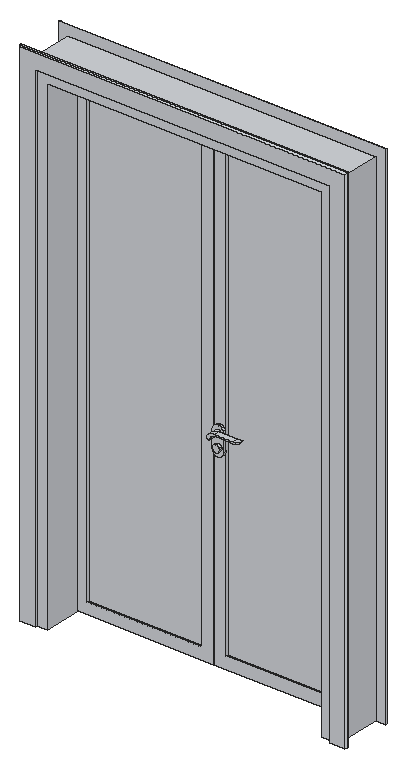
Revit family "Abertura da porta com revestimento", category Portas, Revit 2019
Family settings
  Hospedeiro = Parede
  Número OmniClass = 23.30.10.00
  Título OmniClass = Doors
  Sempre na vertical = Sim
  Corte com vazios quando carregada = Não
  Compartilhado = Não
  Ponto de cálculo do ambiente = Não
Parameters (values of type "1300 x 2140mm")
  W1 = Espessura da moldura do painel + 6 mm  # 46 mm
  Visual Light Transmittance = 0
  Largura da apara = 70 mm
  Espessura da apara = 10 mm
  Material da apara = none
  Solar Heat Gain Coefficient = 0
  Rough Width = 1300 mm
  Rough Height = 2140 mm
  Material do painel = none
  Largura da moldura do painel = 50 mm
  Espessura da moldura do painel = 40 mm
  ID do tipo de construção = ""
  Coeficiente de transferência de calor (U) = 3.7021 W/(m²·K)
  Material do puxador = none
  Vidro = none
  Função = Exterior
  Height = Rough Height  # 2140 mm
  Fechamento da parede = Por hospedeiro
  Width = Rough Width  # 1300 mm
  Largura da estrutura = 50 mm
  Material da moldura = none
  Construção analítica = Metal
Types (5, lengths in mm): name | Rough Width | Material do painel | Width
  (no name) | 1300 | none | 1300
  1300 x 2140mm | 1300 | none | 1300
  1500 x 2140mm | 1500 | Veneziana | 1500
  1700 x 2140mm | 1700 | Veneziana | 1700
  1900 x 2140mm | 1900 | Veneziana | 1900
Reference planes
  plane 1: y = 0
  plane 2 "Centro (Esquerda/Direita)": x = 0
  plane 3 "Esquerda": x = -650
  plane 4 "Direita": x = 650
  plane 5: z = 2140
  plane 6 "Exterior": y = 100
  plane 7 "Interior": y = -100
  plane 8: z = 0
  plane 9: x = -600
  plane 10: x = 600
  plane 11: z = 2090
  plane 12: x = -580
  plane 13: x = 625
  plane 14: x = 695
  plane 15: x = -590
  plane 16: y = 54
Forms (mm)
  Sweep 1, solid, material <- "Material da moldura", detail levels medium
    path origin (0, 0, 0) x (1, 0, 0) y (0, 0, 1)
      loop
        line (-650, 0) -> (-650, 2140) -> (650, 2140) -> (650, 0)
    profile origin (-650, 0, 1070) x (-1, 0, 0) y (0, -1, 0)
      loop
        line (0, -100) -> (0, 100) -> (-50, 100) -> (-50, -100) -> (0, -100)
  Sweep 2, solid, material <- "Material da moldura", detail levels fine
    path origin (0, 100, 0) x (1, 0, 0) y (0, 0, 1)
      loop
        line (-650, 0) -> (-650, 2140) -> (650, 2140) -> (650, 0)
    profile origin (-650, 100, 1070) x (-1, 0, 0) y (0, -1, 0)
      loop
        line (0, 200) -> (-70, 200) -> (-70, 46) -> (-60, 46) -> (-60, 0) -> (0, 0) -> (0, 200)
  Sweep 3, solid, material <- "Material da apara", detail levels fine
    path origin (0, -100, 0) x (1, 0, 0) y (0, 0, 1)
      loop
        line (650, 0) -> (650, 2140) -> (-650, 2140) -> (-650, 0)
    profile "Perfil da apara : Perfil da apara" origin (650, -100, 1070) x (-1, 0, 0) y (0, -1, 0)
      loop
        line (-43, 0) -> (27, 0) -> (27, 10) -> (-37, 10) -> (-43, 4) -> (-43, 0)
  Sweep 4, solid, material <- "Material da apara", detail levels fine
    path origin (0, 100, 0) x (1, 0, 0) y (0, 0, 1)
      loop
        line (650, 0) -> (650, 2140) -> (-650, 2140) -> (-650, 0)
    profile "Perfil da apara : Perfil da apara" origin (650, 100, 1070) x (-1, 0, 0) y (0, -1, 0)
      loop
        line (-43, 0) -> (-43, -4) -> (-37, -10) -> (27, -10) -> (27, 0) -> (-43, 0)
Lines and regions (mm)
  Opening 1
    outline origin (-3050, -100, 0) x (1, 0, 0) y (0, 0, 1)
      loop
        line (2400, 0) -> (3700, 0) -> (3700, 2140) -> (2400, 2140) -> (2400, 0)
Text (mm)
  text "Externo" at (-2295.016, 1099.543, 0), in view "Nível de referência"
  text "Externo" at (0, 1615.38, 3698.081), in view "Esquerda"
  text "Externo" at (0, 1036.032, 3874.932), in view "Direita"
Dimensions and locks
  equal spacing: plane 3 "Esquerda", plane 2 "Centro (Esquerda/Direita)", plane 4 "Direita"
  "Width": plane 3 "Esquerda" to plane 4 "Direita"
  "Height": plane 5 to host wall
  locked: plane 6 "Exterior" to host wall at 0
  locked: plane 7 "Interior" to host wall
  "Largura da estrutura": plane 3 "Esquerda" to plane 9
  "Largura da estrutura": plane 10 to plane 4 "Direita"
  "Largura da estrutura": plane 11 to plane 5
  locked: plane 9 to plane 12 at 20
  locked: plane 13 to plane 4 "Direita" at 25
  "Largura da apara": plane 13 to plane 14
  locked: plane 15 to plane 12 at 10
  "W1": plane 6 "Exterior" to plane 16
  aligned and locked: plane 3 "Esquerda" to Opening 1 sketch curve
  aligned and locked: plane 5 to Opening 1 sketch curve  (x2)
  aligned and locked: Opening 1 sketch curve to plane 4 "Direita"
  aligned and locked: Opening 1 sketch curve to level
  aligned and locked: plane 1 to host wall
  aligned and locked: level to plane 8
  aligned and locked: plane 2 "Centro (Esquerda/Direita)" to nested 1
  aligned and locked: plane 6 "Exterior" to nested 1
  aligned and locked: nested 1 to plane 8
  aligned and locked: plane 2 "Centro (Esquerda/Direita)" to nested 2
  aligned and locked: nested 2 to plane 6 "Exterior"
  aligned and locked: plane 8 to nested 2
  aligned and locked: Sweep 1 sketch curve to plane 3 "Esquerda"
  aligned and locked: plane 5 to Sweep 1 sketch curve
  aligned and locked: plane 4 "Direita" to Sweep 1 sketch curve
  aligned and locked: Sweep 1 sketch curve to nested 2
  aligned and locked: Sweep 1 sketch curve to host wall  (x2)
  aligned and locked: Sweep 1 sketch curve to plane 9
  aligned and locked: Sweep 2 sketch curve to plane 3 "Esquerda"
  aligned and locked: plane 5 to Sweep 2 sketch curve
  aligned and locked: plane 4 "Direita" to Sweep 2 sketch curve
  aligned and locked: plane 12 to Sweep 2 sketch curve
  aligned and locked: plane 15 to Sweep 2 sketch curve
  aligned and locked: Sweep 2 sketch curve to plane 16
  aligned and locked: Sweep 2 sketch curve to profile plane
  aligned and locked: plane 3 "Esquerda" to Sweep 2 sketch curve
  aligned and locked: plane 7 "Interior" to Sweep 2 sketch curve
  aligned and locked: plane 8 to Sweep 3 sketch curve  (x2)
  aligned and locked: Sweep 3 sketch curve to plane 4 "Direita"
  aligned and locked: plane 8 to Sweep 4 sketch curve  (x2)
  aligned and locked: plane 4 "Direita" to Sweep 4 sketch curve
  aligned and locked: Sweep 4 sketch curve to plane 3 "Esquerda"
  aligned and locked: plane 5 to Sweep 4 sketch curve
  aligned and locked: plane 5 to Sweep 3 sketch curve
Automatic sketch dimensions
  Sweep 1 sketch curve to level = 0 mm  (x2)
  Sweep 2 sketch curve to level = 0 mm  (x2)
  plane 3 "Esquerda" to Sweep 3 sketch curve = 0 mm
Nested families
  nested 1: "Veneziana_Painel" at (0, 100, 0), type "Veneziana_Painel"
  nested 2: "Veneziana_Painel" at (0, 100, 0) x (-1, 0, 0) z (0, 0, 1), type "Veneziana_Painel"
    with Visibilidade do puxador no
Definition of nested family "Veneziana_Painel"
  Parameters
    Width = 1300 mm
    W1 = Largura da estrutura + 13 mm  # 63 mm
    Largura da moldura do painel = 50 mm
    Espessura da moldura do painel = 40 mm
    Height = 2140 mm
    Visibilidade do puxador [instance] = yes
    Material do puxador = none
    Meia largura = 0.5 * Width  # 650 mm
    Material do painel = none
    Largura da estrutura = 50 mm
    Material da moldura = none
  Reference planes
    plane 1 "Centro (Frente/Trás)": y = 0
    plane 2: z = 0
    plane 3 "Centro (Esquerda/Direita)": x = 0
    plane 4: x = 650
    plane 5: y = -40
    plane 6: x = 50
    plane 7: x = 600
    plane 8: x = 550
    plane 9: z = 2140
    plane 10: z = 2090
    plane 11: z = 2040
    plane 12: z = 50
    plane 13: x = 600
    plane 14: z = 2090
    plane 15: x = 587
    plane 16: x = 537
    plane 17: y = -3
    plane 18: y = -43
    plane 19: z = 2077
    plane 20: z = 2027
    plane 21: z = 3
    plane 22: z = 53
    plane 23: y = 650
    plane 24: y = 600
    plane 25: y = 50
    plane 26: x = 610
    plane 27: x = 560
    plane 28: y = 600
    plane 29: y = 550
    plane 30: x = 547
    plane 31: y = 587
    plane 32: y = 537
    plane 33: x = 567
    plane 34: x = 555
    plane 35: x = 579
    plane 36: y = -8
    plane 37: y = -32
    plane 38: y = -11
    plane 39: y = -35
    plane 40: x = 618
    plane 41: x = 642
    plane 42: x = 568
    plane 43: x = 592
    plane 44: z = 1070
    plane 45: z = 1045
    plane 46: z = 1040
    plane 47: x = 25
    plane 48: y = -23
    plane 49: z = 900
  Forms (mm)
    Sweep 1, solid, material <- "Material da moldura", detail levels medium
      path origin (0, 0, 0) x (1, 0, 0) y (0, 0, 1)
        loop
          line (0, 2090) -> (0, 0) -> (600, 0) -> (600, 2090) -> (0, 2090)
      profile origin (300, 0, 2090) x (0, 0, 1) y (0, -1, 0)
        loop
          line (0, 0) -> (0, 40) -> (-50, 40) -> (-50, 0) -> (0, 0)
    Extrusion 2, solid, material <- "Material do painel", detail levels medium
      sketch origin (-56.656, -20, 1200) x (-1, 0, 0) y (0, 0, 1)
        loop
          line (-106.656, 840) -> (-606.656, 840) -> (-606.656, -1150) -> (-106.656, -1150) -> (-106.656, 840)
      from -12 to 12
    Sweep 3, solid, material <- "Material da moldura", detail levels coarse
      path origin (0, 0, 0) x (1, 0, 0) y (0, 0, 1)
        loop
          line (0, 2140) -> (0, 0) -> (650, 0) -> (650, 2140) -> (0, 2140)
      profile origin (325, 0, 2140) x (0, 0, 1) y (0, -1, 0)
        loop
          line (0, 40) -> (-50, 40) -> (-50, 0) -> (0, 0) -> (0, 40)
    Extrusion 4, solid, material <- "Material do painel", detail levels coarse
      sketch origin (-56.656, -20, 1200) x (-1, 0, 0) y (0, 0, 1)
        loop
          line (-106.656, 890) -> (-656.656, 890) -> (-656.656, -1150) -> (-106.656, -1150) -> (-106.656, 890)
      from -12 to 12
    Sweep 5, solid, material <- "Material da moldura", detail levels fine
      path origin (0, 0, 0) x (1, 0, 0) y (0, 0, 1)
        loop
          line (0, 2077) -> (0, 3) -> (587, 3) -> (587, 2077) -> (0, 2077)
      profile origin (293.5, 0, 2077) x (0, 0, 1) y (0, -1, 0)
        loop
          line (0, 43) -> (-50, 43) -> (-50, 3) -> (0, 3) -> (0, 43)
    Extrusion 6, solid, material <- "Material do painel", detail levels fine
      sketch origin (-56.656, -23, 1200) x (-1, 0, 0) y (0, 0, 1)
        loop
          line (-106.656, 827) -> (-593.656, 827) -> (-593.656, -1147) -> (-106.656, -1147) -> (-106.656, 827)
      from -12 to 12
  Lines and regions (mm)
    Masking region 1, detail levels coarse
      outline origin (0, 0, 0) x (1, 0, 0) y (0, 1, 0)
        loop
          line (610, 650) -> (610, 0) -> (650, 0) -> (650, 650) -> (610, 650)
    Masking region 2, detail levels medium
      outline origin (0, 0, 0) x (1, 0, 0) y (0, 1, 0)
        loop
          line (600, 600) -> (560, 600) -> (560, 0) -> (600, 0) -> (600, 600)
    Masking region 3, detail levels fine
      outline origin (0, 0, 0) x (1, 0, 0) y (0, 1, 0)
        loop
          line (547, 587) -> (547, 0) -> (587, 0) -> (587, 587) -> (547, 587)
    symbolic lines, detail levels coarse
      curve 1: line (610, 650, 0) -> (650, 650, 0)
      curve 2: line (610, 600, 0) -> (610, 650, 0)
      curve 3: line (650, 600, 0) -> (610, 600, 0)
      curve 4: line (650, 650, 0) -> (650, 600, 0)
      curve 5: line (610, 50, 0) -> (650, 50, 0)
      curve 6: line (610, 0, 0) -> (610, 50, 0)
      curve 7: line (650, 0, 0) -> (610, 0, 0)
      curve 8: line (650, 50, 0) -> (650, 0, 0)
      curve 9: line (610, 600, 0) -> (610, 50, 0)
      curve 10: line (650, 50, 0) -> (650, 600, 0)
      curve 11: arc (650, 650, 0) -> (190.381, 459.619, 0) -> (0, 0, 0) r 650
      curve 38: line (650, 0, 2140) -> (0, 0, 1070)
      curve 39: line (0, 0, 1070) -> (650, 0, 0)
    symbolic lines, detail levels medium
      curve 12: line (560, 50, 0) -> (600, 50, 0)
      curve 13: line (560, 0, 0) -> (560, 50, 0)
      curve 14: line (600, 0, 0) -> (560, 0, 0)
      curve 15: line (600, 50, 0) -> (600, 0, 0)
      curve 16: line (560, 600, 0) -> (600, 600, 0)
      curve 17: line (560, 550, 0) -> (560, 600, 0)
      curve 18: line (600, 550, 0) -> (560, 550, 0)
      curve 19: line (600, 600, 0) -> (600, 550, 0)
      curve 20: line (560, 550, 0) -> (560, 50, 0)
      curve 21: line (600, 50, 0) -> (600, 550, 0)
      curve 22: arc (0, 0, 0) -> (175.736, 424.264, 0) -> (600, 600, 0) r 600
      curve 36: line (568, 550, 0) -> (568, 50, 0)
      curve 37: line (592, 550, 0) -> (592, 50, 0)
      curve 40: line (600, 0, 2090) -> (0, 0, 1045)
      curve 41: line (0, 0, 1045) -> (600, 0, 0)
    symbolic lines, detail levels fine
      curve 23: line (547, 587, 0) -> (587, 587, 0)
      curve 24: line (547, 537, 0) -> (547, 587, 0)
      curve 25: line (587, 537, 0) -> (547, 537, 0)
      curve 26: line (587, 587, 0) -> (587, 537, 0)
      curve 27: line (547, 50, 0) -> (587, 50, 0)
      curve 28: line (547, 0, 0) -> (547, 50, 0)
      curve 29: line (587, 0, 0) -> (547, 0, 0)
      curve 30: line (587, 50, 0) -> (587, 0, 0)
      curve 31: line (547, 537, 0) -> (547, 50, 0)
      curve 32: line (587, 50, 0) -> (587, 537, 0)
      curve 33: arc (587, 587, 0) -> (171.928, 415.072, 0) -> (0, 0, 0) r 587
      curve 34: line (555, 537, 0) -> (555, 50, 0)
      curve 35: line (579, 50, 0) -> (579, 537, 0)
      curve 42: line (587, 0, 2077) -> (0, 0, 1040)
      curve 43: line (0, 0, 1040) -> (587, 0, 3)
  Dimensions and locks
    "Meia largura": plane 3 "Centro (Esquerda/Direita)" to plane 4
    "Largura da moldura do painel": plane 3 "Centro (Esquerda/Direita)" to plane 6
    "Espessura da moldura do painel": plane 5 to plane 1 "Centro (Frente/Trás)"
    "Largura da estrutura": plane 7 to plane 4
    "Largura da moldura do painel": plane 8 to plane 7
    "Height": plane 9 to plane 2
    "Largura da estrutura": plane 9 to plane 10
    "Largura da moldura do painel": plane 10 to plane 11
    "Largura da moldura do painel": plane 12 to plane 2
    "Largura da moldura do painel": plane 13 to plane 4
    "Largura da moldura do painel": plane 9 to plane 14
    "W1": plane 15 to plane 4
    "Largura da moldura do painel": plane 16 to plane 15
    plane 17 to plane 1 "Centro (Frente/Trás)" = 3 mm
    "Espessura da moldura do painel": plane 17 to plane 18
    "W1": plane 9 to plane 19
    "Largura da moldura do painel": plane 19 to plane 20
    locked: plane 21 to plane 2 at 3
    "Largura da moldura do painel": plane 22 to plane 21
    "Meia largura": plane 23 to plane 1 "Centro (Frente/Trás)"
    "Largura da moldura do painel": plane 23 to plane 24
    "Largura da moldura do painel": plane 25 to plane 1 "Centro (Frente/Trás)"
    "Espessura da moldura do painel": plane 26 to plane 4
    "Espessura da moldura do painel": plane 27 to plane 7
    "Largura da estrutura": plane 23 to plane 28
    "Largura da moldura do painel": plane 28 to plane 29
    "Espessura da moldura do painel": plane 30 to plane 15
    "W1": plane 23 to plane 31
    "Largura da moldura do painel": plane 31 to plane 32
    equal spacing: plane 30, plane 33, plane 15
    locked: plane 37 to plane 5 at 8
    locked: plane 36 to plane 1 "Centro (Frente/Trás)" at 8
    locked: plane 17 to plane 38 at 8
    locked: plane 39 to plane 18 at 8
    locked: plane 26 to plane 40 at 8
    locked: plane 41 to plane 4 at 8
    locked: plane 30 to plane 34 at 8
    locked: plane 35 to plane 15 at 8
    locked: plane 27 to plane 42 at 8
    locked: plane 43 to plane 7 at 8
    equal spacing: plane 2, plane 44, plane 9
    equal spacing: plane 2, plane 45, plane 10
    equal spacing: plane 21, plane 46, plane 19
    equal spacing: plane 3 "Centro (Esquerda/Direita)", plane 47, plane 6
    equal spacing: plane 17, plane 48, plane 18
    locked: plane 49 to plane 2 at 900
    aligned and locked: level to plane 2
    aligned and locked: Sweep 1 sketch curve to plane 10
    aligned and locked: plane 3 "Centro (Esquerda/Direita)" to Sweep 1 sketch curve
    aligned and locked: plane 2 to Sweep 1 sketch curve
    aligned and locked: Sweep 1 sketch curve to plane 7
    aligned and locked: Sweep 1 sketch curve to profile plane  (x2)
    aligned and locked: Sweep 1 sketch curve to plane 11
    aligned and locked: Sweep 1 sketch curve to plane 5
    aligned and locked: Extrusion 2 sketch curve to Sweep 1  (x4)
    aligned and locked: Sweep 3 sketch curve to plane 9
    aligned and locked: plane 3 "Centro (Esquerda/Direita)" to Sweep 3 sketch curve
    aligned and locked: plane 2 to Sweep 3 sketch curve
    aligned and locked: Sweep 3 sketch curve to plane 4
    aligned and locked: profile plane to Sweep 3 sketch curve  (x2)
    aligned and locked: plane 5 to Sweep 3 sketch curve
    aligned and locked: plane 14 to Sweep 3 sketch curve
    aligned and locked: Extrusion 4 sketch curve to Sweep 3  (x3)
    aligned and locked: Sweep 5 sketch curve to plane 19
    aligned and locked: plane 3 "Centro (Esquerda/Direita)" to Sweep 5 sketch curve
    aligned and locked: plane 21 to Sweep 5 sketch curve
    aligned and locked: Sweep 5 sketch curve to plane 15
    aligned and locked: profile plane to Sweep 5 sketch curve
    aligned and locked: plane 18 to Sweep 5 sketch curve
    aligned and locked: plane 20 to Sweep 5 sketch curve
    aligned and locked: Sweep 5 sketch curve to plane 17
    aligned and locked: Extrusion 6 sketch curve to Sweep 5  (x4)
    aligned and locked: Masking region 1 sketch curve to plane 23
    aligned and locked: Masking region 1 sketch curve to plane 26
    aligned and locked: Masking region 1 sketch curve to Sweep 3  (x2)
    aligned and locked: curve 1 to plane 23
    aligned and locked: curve 2 to plane 26
    aligned and locked: plane 24 to curve 3
    aligned and locked: curve 4 to plane 4
    aligned and locked: curve 5 to plane 25
    aligned and locked: curve 6 to plane 26
    aligned and locked: curve 7 to Sweep 3
    aligned and locked: plane 4 to curve 10
    aligned and locked: plane 1 "Centro (Frente/Trás)" to curve 11
    aligned and locked: plane 4 to curve 11
    aligned and locked: plane 7 to Masking region 2 sketch curve
    aligned and locked: plane 1 "Centro (Frente/Trás)" to Masking region 2 sketch curve
    aligned and locked: Masking region 2 sketch curve to plane 27
    aligned and locked: curve 12 to plane 25
    aligned and locked: plane 27 to curve 13
    aligned and locked: curve 14 to Sweep 1
    aligned and locked: plane 28 to Masking region 2 sketch curve
    aligned and locked: curve 16 to plane 28
    aligned and locked: plane 27 to curve 17
    aligned and locked: plane 29 to curve 18
    aligned and locked: curve 19 to plane 7
    aligned and locked: plane 7 to curve 21
    aligned and locked: plane 7 to curve 22
    aligned and locked: Masking region 3 sketch curve to plane 31
    aligned and locked: plane 30 to Masking region 3 sketch curve
    aligned and locked: Masking region 3 sketch curve to plane 1 "Centro (Frente/Trás)"
    aligned and locked: Masking region 3 sketch curve to plane 15
    aligned and locked: curve 23 to plane 31
    aligned and locked: plane 30 to curve 24
    aligned and locked: plane 32 to curve 25
    aligned and locked: curve 26 to plane 15
    aligned and locked: curve 27 to plane 25
    aligned and locked: plane 30 to curve 28
    aligned and locked: curve 29 to plane 1 "Centro (Frente/Trás)"
    aligned and locked: plane 15 to curve 32
    aligned and locked: plane 1 "Centro (Frente/Trás)" to curve 33
    aligned and locked: plane 15 to curve 33
    aligned and locked: curve 34 to plane 34
    aligned and locked: curve 35 to plane 35
    aligned and locked: Extrusion 4 to plane 36
    aligned and locked: Extrusion 4 to plane 37
    aligned and locked: Extrusion 2 to plane 36
    aligned and locked: Extrusion 2 to plane 37
    aligned and locked: Extrusion 6 to plane 39
    aligned and locked: plane 38 to Extrusion 6
    aligned and locked: curve 36 to plane 42
    aligned and locked: plane 43 to curve 37
    aligned and locked: plane 2 to curve 39
    aligned and locked: plane 4 to curve 39
    aligned and locked: plane 44 to curve 39
    aligned and locked: plane 3 "Centro (Esquerda/Direita)" to curve 39
    aligned and locked: plane 9 to curve 38
    aligned and locked: plane 4 to curve 38
    aligned and locked: plane 2 to curve 41
    aligned and locked: plane 7 to curve 41
    aligned and locked: plane 45 to curve 41
    aligned and locked: plane 3 "Centro (Esquerda/Direita)" to curve 41
    aligned and locked: plane 10 to curve 40
    aligned and locked: plane 7 to curve 40
    aligned and locked: plane 21 to curve 43
    aligned and locked: plane 15 to curve 43
    aligned and locked: plane 46 to curve 43
    aligned and locked: plane 3 "Centro (Esquerda/Direita)" to curve 43
    aligned and locked: plane 19 to curve 42
    aligned and locked: plane 15 to curve 42
    aligned and locked: plane 47 to nested 1
    aligned and locked: nested 1 to plane 48
    aligned and locked: plane 49 to nested 1
  Automatic sketch dimensions
    Extrusion 4 sketch curve to plane 12 = 0 mm
  Nested families
    nested 1: "Maçaneta da porta 2" at (25, -23, 900), visible <- "Visibilidade do puxador", type "Maçaneta da porta 2", detail levels fine
      with Espessura do painel 40 mm
  Definition of nested family "Maçaneta da porta 2"
    Parameters
      Espessura do painel = 50 mm
      Material do puxador = none
      Function = (empty or 0)
    Reference planes
      plane 1 "Centro (Frente/Trás)": y = 0
      plane 2: z = 0
      plane 3 "Centro (Esquerda/Direita)": x = 0
      plane 4: y = 25
      plane 5: y = -25
      plane 6: z = -147.114
      plane 7: y = 65
      plane 8: z = -60
      plane 9: y = -65
      plane 10: z = -60
    Forms (mm)
      Extrusion 1, solid, material <- "Material do puxador"
        sketch origin (0, -25, 0) x (-1, 0, 0) y (0, 0, -1)
          loop
            line (25, 0) -> (25, 70)
            arc (25, 70) -> (0, 95) -> (-25, 70) r 25
            line (-25, 70) -> (-25, 0)
            arc (-25, 0) -> (0, -25) -> (25, 0) r 25
        from 0 to 10
      Extrusion 2, solid, material <- "Material do puxador"
        sketch origin (0, 25, 0) x (-1, 0, 0) y (0, 0, -1)
          loop
            line (25, 0) -> (25, 70)
            arc (25, 70) -> (0, 95) -> (-25, 70) r 25
            line (-25, 70) -> (-25, 0)
            arc (-25, 0) -> (0, -25) -> (25, 0) r 25
        from 0 to -10
      Extrusion 3, solid, material <- "Material do puxador"
        sketch origin (0, -25, 0) x (-1, 0, 0) y (0, 0, -1)
          loop
            circle (0, 0) r 8
        from 10 to 40
      Extrusion 4, solid, material <- "Material do puxador"
        sketch origin (0, 20, 0) x (-1, 0, 0) y (0, 0, 1)
          loop
            circle (0, 0) r 8
        from 15 to 45
      Extrusion 5, solid, material <- "Material do puxador"
        sketch origin (0, -65, 0) x (1, 0, 0) y (0, 0, 1)
          loop
            arc (-6.508, 4.652) -> (-2.443, -7.618) -> (8, 0) r 8
            arc (8, 0) -> (14.532, 9.391) -> (25.386, 13) r 18.126
            line (25.386, 13) -> (101.644, 13)
            arc (101.644, 13) -> (116.41, 15.798) -> (130, 22.214) r 59.379
            line (130, 22.214) -> (130, 25)
            arc (130, 25) -> (116.04, 21.265) -> (101.644, 20) r 83.285
            line (101.644, 20) -> (25.367, 20)
            arc (25.367, 20) -> (7.493, 16.348) -> (-6.508, 4.652) r 37.283
        from 0 to 20
      Extrusion 6, solid, material <- "Material do puxador"
        sketch origin (0, 65, 0) x (1, 0, 0) y (0, 0, -1)
          loop
            arc (8, 0) -> (-2.443, 7.618) -> (-6.508, -4.652) r 8
            arc (-6.508, -4.652) -> (7.493, -16.348) -> (25.367, -20) r 37.283
            line (25.367, -20) -> (101.644, -20)
            arc (101.644, -20) -> (116.04, -21.265) -> (130, -25) r 83.285
            line (130, -25) -> (130, -22.214)
            arc (130, -22.214) -> (116.41, -15.798) -> (101.644, -13) r 59.379
            line (101.644, -13) -> (25.386, -13)
            arc (25.386, -13) -> (14.532, -9.391) -> (8, 0) r 18.126
        from 0 to 20
      Extrusion 7, solid, material <- "Material do puxador"
        sketch origin (0, -35, 10) x (-1, 0, 0) y (0, 0, -1)
          loop
            circle (0, 70) r 15
        from 0 to 10
      Extrusion 8, solid, material <- "Material do puxador"
        sketch origin (0, 35, 0) x (-1, 0, 0) y (0, 0, 1)
          loop
            circle (0, -60) r 15
        from 0 to 10
    Dimensions and locks
      equal spacing: plane 5, plane 1 "Centro (Frente/Trás)", plane 4
      "Espessura do painel": plane 5 to plane 4
      locked: plane 4 to plane 7 at 40
      locked: plane 9 to plane 5 at 40
      locked: Extrusion 6 to plane 7 at 20
      locked: plane 9 to Extrusion 5 at 20
      locked: plane 2 to plane 10 at 60
      aligned and locked: Extrusion 3 to Extrusion 1
      aligned and locked: Extrusion 4 to Extrusion 2
      aligned and locked: plane 7 to Extrusion 6
      aligned and locked: Extrusion 4 to plane 7
      aligned and locked: plane 9 to Extrusion 5
    Automatic sketch dimensions
      Extrusion 3 sketch curve to level = 0 mm
      Extrusion 3 sketch curve to plane 3 "Centro (Esquerda/Direita)" = 0 mm
      Extrusion 4 sketch curve to level = 0 mm
      Extrusion 4 sketch curve to plane 3 "Centro (Esquerda/Direita)" = 0 mm
      Extrusion 5 sketch curve to level = 0 mm  (x2)
      Extrusion 5 sketch curve to plane 3 "Centro (Esquerda/Direita)" = 0 mm
      Extrusion 5 sketch curve to plane 3 "Centro (Esquerda/Direita)" = 6.508 mm
      plane 3 "Centro (Esquerda/Direita)" to Extrusion 5 sketch curve = 8 mm
      Extrusion 5 sketch curve to level = 17.244 mm
      Extrusion 5 sketch curve to Extrusion 5 sketch curve = 15.668 mm
      level to Extrusion 5 sketch curve = 20 mm
      Extrusion 5 sketch curve to Extrusion 5 sketch curve = 0.019 mm
      Extrusion 5 sketch curve to Extrusion 5 sketch curve = 28.356 mm
      Extrusion 5 sketch curve to Extrusion 5 sketch curve = 0 mm
      Extrusion 5 sketch curve to level = 5.126 mm
      level to Extrusion 5 sketch curve = 22.214 mm
      Extrusion 5 sketch curve to Extrusion 5 sketch curve = 2.786 mm
      Extrusion 5 sketch curve to Extrusion 5 sketch curve = 72.693 mm
      Extrusion 5 sketch curve to Extrusion 5 sketch curve = 3.517 mm
      Extrusion 5 sketch curve to Extrusion 5 sketch curve = 3.583 mm
      Extrusion 6 sketch curve to level = 0 mm
      Extrusion 6 sketch curve to plane 3 "Centro (Esquerda/Direita)" = 0 mm
      level to Extrusion 6 sketch curve = 4.652 mm
      Extrusion 6 sketch curve to plane 3 "Centro (Esquerda/Direita)" = 6.508 mm
      Extrusion 6 sketch curve to level = 17.244 mm
      Extrusion 6 sketch curve to Extrusion 6 sketch curve = 15.668 mm
      Extrusion 6 sketch curve to Extrusion 6 sketch curve = 0.019 mm
      Extrusion 6 sketch curve to level = 5.126 mm
      Extrusion 6 sketch curve to Extrusion 6 sketch curve = 1.719 mm
      Extrusion 6 sketch curve to Extrusion 6 sketch curve = 72.693 mm
      Extrusion 6 sketch curve to Extrusion 6 sketch curve = 3.517 mm
      Extrusion 6 sketch curve to Extrusion 6 sketch curve = 3.583 mm
      Extrusion 6 sketch curve to Extrusion 6 sketch curve = 0 mm
      level to Extrusion 6 sketch curve = 22.214 mm
      Extrusion 6 sketch curve to Extrusion 6 sketch curve = 28.356 mm
      Extrusion 6 sketch curve to Extrusion 6 sketch curve = 2.786 mm
      Extrusion 1 sketch curve to plane 3 "Centro (Esquerda/Direita)" = 0 mm
      Extrusion 1 sketch curve to level = 0 mm
      Extrusion 1 sketch curve to plane 3 "Centro (Esquerda/Direita)" = 25 mm
      level to Extrusion 1 sketch curve = 70 mm
      Extrusion 2 sketch curve to level = 0 mm
      Extrusion 2 sketch curve to plane 3 "Centro (Esquerda/Direita)" = 0 mm
      Extrusion 2 sketch curve to plane 3 "Centro (Esquerda/Direita)" = 25 mm
      level to Extrusion 2 sketch curve = 70 mm
      Extrusion 7 sketch curve to plane 3 "Centro (Esquerda/Direita)" = 0 mm
      level to Extrusion 7 sketch curve = 60 mm
      Extrusion 8 sketch curve to plane 3 "Centro (Esquerda/Direita)" = 0 mm
      Extrusion 8 sketch curve to plane 8 = 0 mm
      radius of Extrusion 3 sketch curve = 8 mm
      radius of Extrusion 4 sketch curve = 8 mm
      radius of Extrusion 7 sketch curve = 15 mm
      radius of Extrusion 8 sketch curve = 15 mm
